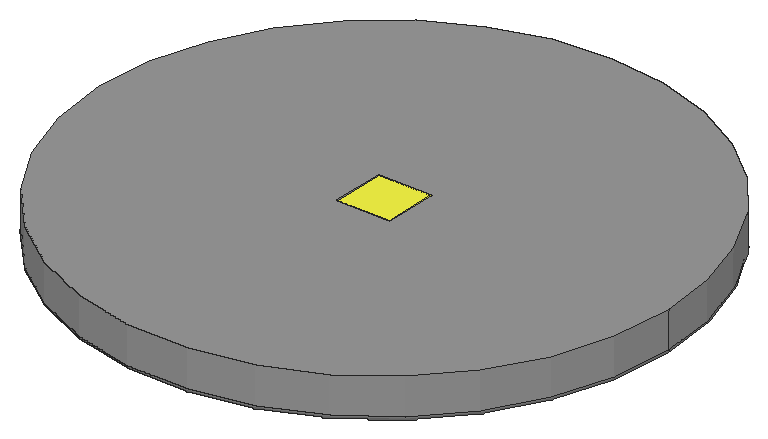
Revit family "TMC.1_63_UN_Emergency Lighting_Recessed_ETK", category Lighting Fixtures, Revit 2019
Family settings
  Round Connector Dimension = Use Diameter
  Part Type = Normal
  OmniClass Number = 23.80.70.11.14.11
  OmniClass Title = Downlights
  Work Plane-Based = No
  Always vertical = Yes
  Cut with Voids When Loaded = No
  Light Source = No
  Shared = No
  Room Calculation Point = Yes
Parameters (values of type "TMC.1100.15N - 2W / 360lm / 1hr autonomy")
  Wattage Comments = "2W"
  Voltage = 230 V
  URL = "https://www.etk.nl/producten/tmc-1/"
  Type Comments = "IP66 - IK10"
  Symbol_ToScale [instance] = yes
  Symbol_RealSize [instance] = not(Symbol_ToScale)  # no
  Switch Code [instance] = ""
  Model = "TMC.1"
  Manufacturer = "ETK licht B.V."
  Luminaire_Body_Material = PPS Plastic
  Luminaire Code [instance] = ""
  Lightsource_Constraint [instance] = 17.7 mm
  Light Source = TMC.1 - Lightsource : TMC.1100.15N - 2W / 360lm / 1hr autonomy
  Lamp = "LED"
  IfcExportType = "USERDEFINED"
  IfcExportAs = "IfcLightFixtureType"
  Description = "Surface Mounted"
  Copyright © IVLighting = "www.ivlibrary.com"
  Assembly Code = "63.0"
  Apparent Load = 2 VA
Types (3, lengths in mm): name | Light Source
  (no name) | TMC.1 - Lightsource : TMC.1100.15N - 2W / 360lm / 1hr autonomy
  TMC.1100.15N - 2W / 360lm / 1hr autonomy | TMC.1 - Lightsource : TMC.1100.15N - 2W / 360lm / 1hr autonomy
  TMC.1200.15N - 2W / 360lm / 1hr autonomy | TMC.1 - Lightsource : TMC.1200.15N - 2W / 360lm / 1hr autonomy
Reference planes
  plane 1 "Center (Front/Back)": y = 0
  plane 2: z = 0
  plane 3 "Center (Left/Right)": x = 0
Forms (mm)
  Sweep 1, solid, material "PPS Plastic" <- "Luminaire_Body_Material", not visible
    path origin (0, 0, 0) x (1, 0, 0) y (0, 1, 0)
      loop
        line (-65.067, -65.005) -> (65.067, -65.005) -> (65.067, 65.005) -> (-65.067, 65.005) -> (-65.067, -65.005)
    profile origin (0, -65.005, 0) x (0, 1, 0) y (0, 0, 1)
      loop
        line (0, 0) -> (0, -25.397)
        arc (0, -25.397) -> (0.469, -26.531) -> (1.603, -27) r 1.603
        line (1.603, -27) -> (2.551, -27) -> (56.895, -17.418) -> (56.895, 0) -> (0, 0)
  Extrusion 2, solid, material "PPS Plastic" <- "Luminaire_Body_Material", not visible
    sketch origin (0, 0, 0) x (0, 1, 0) y (0, 0, 1)
      loop
        line (8.11, -15.747) -> (8.11, 0) -> (-8.11, 0) -> (-8.11, -15.747) -> (8.11, -15.747)
    from -8.172 to 8.172
  Extrusion 3, solid, material "PPS Plastic" <- "Luminaire_Body_Material", not visible
    sketch origin (0, 0, 0) x (1, 0, 0) y (0, 1, 0)
      loop
        line (-8.172, 8.218) -> (-8.172, -8.11) -> (8.172, -8.11) -> (8.172, 8.218) -> (-8.172, 8.218)
      loop
        line (-7.242, 5.268) -> (-6.166, 5.268)
        arc (-6.166, 5.268) -> (-5.961, 5.763) -> (-5.466, 5.968) r 0.7
        line (-5.466, 5.968) -> (-5.466, 7.044)
        arc (-5.466, 7.044) -> (-6.722, 6.524) -> (-7.242, 5.268) r 1.776
      loop
        line (-4.905, 7.044) -> (-4.905, 5.968) -> (4.515, 5.968) -> (4.515, 7.044) -> (-4.905, 7.044)
      loop
        arc (7.242, 5.268) -> (6.722, 6.524) -> (5.466, 7.044) r 1.776
        line (5.466, 7.044) -> (5.466, 5.968)
        arc (5.466, 5.968) -> (5.961, 5.763) -> (6.166, 5.268) r 0.7
        line (6.166, 5.268) -> (7.242, 5.268)
      loop
        line (-7.242, 2.999) -> (-7.242, 2.199) -> (-4.615, 2.199) -> (-3.282, 3.531) -> (4.191, 3.531) -> (5.2, 2.522) -> (7.242, 2.522) -> (7.242, 3.322) -> (5.49, 3.322) -> (4.481, 4.331) -> (-3.572, 4.331) -> (-4.905, 2.999) -> (-7.242, 2.999)
      loop
        line (-7.242, 1.31) -> (-7.242, -1.202) -> (-6.442, -1.202) -> (-6.442, 1.31) -> (-7.242, 1.31)
      loop
        line (7.242, 1.31) -> (6.442, 1.31) -> (6.442, -1.202) -> (7.242, -1.202) -> (7.242, 1.31)
      loop
        circle (0, 0.054) r 1.884
      loop
        arc (-7.242, -5.268) -> (-6.722, -6.524) -> (-5.466, -7.044) r 1.776
        line (-5.466, -7.044) -> (-5.466, -5.968)
        arc (-5.466, -5.968) -> (-5.961, -5.763) -> (-6.166, -5.268) r 0.7
        line (-6.166, -5.268) -> (-7.242, -5.268)
      loop
        line (-4.905, -7.044) -> (4.515, -7.044) -> (4.515, -5.968) -> (-4.905, -5.968) -> (-4.905, -7.044)
      loop
        line (7.242, -5.268) -> (6.166, -5.268)
        arc (6.166, -5.268) -> (5.961, -5.763) -> (5.466, -5.968) r 0.7
        line (5.466, -5.968) -> (5.466, -7.044)
        arc (5.466, -7.044) -> (6.722, -6.524) -> (7.242, -5.268) r 1.776
      loop
        line (-7.242, -2.999) -> (-4.905, -2.999) -> (-3.572, -4.331) -> (4.481, -4.331) -> (5.49, -3.322) -> (7.242, -3.322) -> (7.242, -2.522) -> (5.2, -2.522) -> (4.191, -3.531) -> (-3.282, -3.531) -> (-4.615, -2.199) -> (-7.242, -2.199) -> (-7.242, -2.999)
    from -17.418 to -15.747
  Extrusion 4, solid, material "LED", not visible
    sketch origin (0, 0, 0) x (1, 0, 0) y (0, 1, 0)
      loop
        circle (0, 0) r 1.883
    from -17.5 to -15.747
  Extrusion 5, solid, material "PPS Plastic" <- "Luminaire_Body_Material"
    sketch origin (0, 0, 22.345) x (1, 0, 0) y (0, 1, 0)
      loop
        line (-8.172, 8.218) -> (-8.172, -8.212) -> (8.172, -8.212) -> (8.172, 8.218) -> (-8.172, 8.218)
      loop
        line (-7.242, 5.268) -> (-6.166, 5.268)
        arc (-6.166, 5.268) -> (-5.961, 5.763) -> (-5.466, 5.968) r 0.7
        line (-5.466, 5.968) -> (-5.466, 7.044)
        arc (-5.466, 7.044) -> (-6.722, 6.524) -> (-7.242, 5.268) r 1.776
      loop
        line (-4.905, 7.044) -> (-4.905, 5.968) -> (4.515, 5.968) -> (4.515, 7.044) -> (-4.905, 7.044)
      loop
        arc (7.242, 5.268) -> (6.722, 6.524) -> (5.466, 7.044) r 1.776
        line (5.466, 7.044) -> (5.466, 5.968)
        arc (5.466, 5.968) -> (5.961, 5.763) -> (6.166, 5.268) r 0.7
        line (6.166, 5.268) -> (7.242, 5.268)
      loop
        line (-7.242, 2.999) -> (-7.242, 2.199) -> (-4.615, 2.199) -> (-3.282, 3.531) -> (4.191, 3.531) -> (5.2, 2.522) -> (7.242, 2.522) -> (7.242, 3.322) -> (5.49, 3.322) -> (4.481, 4.331) -> (-3.572, 4.331) -> (-4.905, 2.999) -> (-7.242, 2.999)
      loop
        line (-7.242, 1.31) -> (-7.242, -1.202) -> (-6.442, -1.202) -> (-6.442, 1.31) -> (-7.242, 1.31)
      loop
        line (7.242, 1.31) -> (6.442, 1.31) -> (6.442, -1.202) -> (7.242, -1.202) -> (7.242, 1.31)
      loop
        circle (0, 0.054) r 1.884
      loop
        arc (-7.242, -5.268) -> (-6.722, -6.524) -> (-5.466, -7.044) r 1.776
        line (-5.466, -7.044) -> (-5.466, -5.968)
        arc (-5.466, -5.968) -> (-5.961, -5.763) -> (-6.166, -5.268) r 0.7
        line (-6.166, -5.268) -> (-7.242, -5.268)
      loop
        line (-4.905, -7.044) -> (4.515, -7.044) -> (4.515, -5.968) -> (-4.905, -5.968) -> (-4.905, -7.044)
      loop
        line (7.242, -5.268) -> (6.166, -5.268)
        arc (6.166, -5.268) -> (5.961, -5.763) -> (5.466, -5.968) r 0.7
        line (5.466, -5.968) -> (5.466, -7.044)
        arc (5.466, -7.044) -> (6.722, -6.524) -> (7.242, -5.268) r 1.776
      loop
        line (-7.242, -2.999) -> (-4.905, -2.999) -> (-3.572, -4.331) -> (4.481, -4.331) -> (5.49, -3.322) -> (7.242, -3.322) -> (7.242, -2.522) -> (5.2, -2.522) -> (4.191, -3.531) -> (-3.282, -3.531) -> (-4.615, -2.199) -> (-7.242, -2.199) -> (-7.242, -2.999)
    from -22.579 to -20.215
  Extrusion 6, solid, material "LED", not visible
    sketch origin (0, 0, 22.345) x (1, 0, 0) y (0, 1, 0)
      loop
        circle (0, 0) r 1.883
    from -22.958 to -20.215
  Sweep 7, solid, material "PPS Plastic" <- "Luminaire_Body_Material"
    path origin (0, 0, 0) x (1, 0, 0) y (0, 1, 0)
      loop
        circle (0, 0) r 90
    profile origin (0, 90, 0) x (0, -1, 0) y (0, 0, 1)
      loop
        line (0, 10.243) -> (0, -1.268)
        arc (0, -1.268) -> (0.439, -2.302) -> (1.488, -2.705) r 1.438
        line (1.488, -2.705) -> (32.022, -2.705) -> (32.022, 10.243) -> (0, 10.243)
  Extrusion 8, solid, material "LED"
    sketch origin (0, 0, 10.243) x (0, 1, 0) y (0, 0, 1)
      loop
        line (8.218, -8.113) -> (8.218, 0) -> (-8.218, 0) -> (-8.218, -8.113) -> (8.218, -8.113)
    from -8.172 to 8.172
  Sweep 9, solid, material "PPS Plastic" <- "Luminaire_Body_Material"
    path origin (0, 0, 0) x (1, 0, 0) y (0, 1, 0)
      loop
        line (-43.696, -43.611) -> (43.696, -43.611) -> (43.696, 43.611) -> (-43.696, 43.611) -> (-43.696, -43.611)
    profile origin (0, -43.611, 0) x (0, 1, 0) y (0, 0, 1)
      loop
        line (-14.601, 10.243) -> (-14.601, -2.705) -> (-12.675, -2.705) -> (35.399, -0.234) -> (35.399, 10.243) -> (-14.601, 10.243)
Cuts and joins
  joined: Sweep 7, Sweep 9
Lines and regions (mm)
  symbolic lines, visible <- "Symbol_RealSize"
    curve 1: circle (0, -0.047, 0) r 90 normal (0, 0, 1)
    curve 2: line (0, -0.047, 0) -> (-63.64, 63.593, 0)
    curve 3: line (0, -0.047, 0) -> (-63.64, -63.686, 0)
    curve 45: line (0, -0.047, 0) -> (63.64, 63.593, 0)
    curve 46: line (0, -0.047, 0) -> (63.64, -63.686, 0)
  model lines, visible <- "Symbol_RealSize"
    curve 4: line (0, -0.047, 0) -> (-90, -0.047, 0)
    curve 5: line (-3, 2.953, 0) -> (-89.95, 2.953, 0)
    curve 6: line (-6, 5.953, 0) -> (-89.8, 5.953, 0)
    curve 7: line (-9, 8.953, 0) -> (-89.549, 8.953, 0)
    curve 8: line (-12, 11.953, 0) -> (-89.196, 11.953, 0)
    curve 9: line (-15, 14.953, 0) -> (-88.741, 14.953, 0)
    curve 10: line (-18, 17.953, 0) -> (-88.182, 17.953, 0)
    curve 11: line (-21, 20.953, 0) -> (-87.516, 20.953, 0)
    curve 12: line (-24, 23.953, 0) -> (-86.741, 23.953, 0)
    curve 13: line (-27, 26.953, 0) -> (-85.855, 26.953, 0)
    curve 14: line (-30, 29.953, 0) -> (-84.853, 29.953, 0)
    curve 15: line (-33, 32.953, 0) -> (-83.732, 32.953, 0)
    curve 16: line (-36, 35.953, 0) -> (-82.486, 35.953, 0)
    curve 17: line (-39, 38.953, 0) -> (-81.111, 38.953, 0)
    curve 18: line (-42, 41.953, 0) -> (-79.599, 41.953, 0)
    curve 19: line (-45, 44.953, 0) -> (-77.942, 44.953, 0)
    curve 20: line (-48, 47.953, 0) -> (-76.131, 47.953, 0)
    curve 21: line (-51, 50.953, 0) -> (-74.155, 50.953, 0)
    curve 22: line (-54, 53.953, 0) -> (-72, 53.953, 0)
    curve 23: line (-57, 56.953, 0) -> (-69.649, 56.953, 0)
    curve 24: line (-60, 59.953, 0) -> (-67.082, 59.953, 0)
    curve 25: line (-3, -3.047, 0) -> (-89.95, -3.047, 0)
    curve 26: line (-6, -6.047, 0) -> (-89.8, -6.047, 0)
    curve 27: line (-9, -9.047, 0) -> (-89.549, -9.047, 0)
    curve 28: line (-12, -12.047, 0) -> (-89.196, -12.047, 0)
    curve 29: line (-15, -15.047, 0) -> (-88.741, -15.047, 0)
    curve 30: line (-18, -18.047, 0) -> (-88.182, -18.047, 0)
    curve 31: line (-21, -21.047, 0) -> (-87.516, -21.047, 0)
    curve 32: line (-24, -24.047, 0) -> (-86.741, -24.047, 0)
    curve 33: line (-27, -27.047, 0) -> (-85.855, -27.047, 0)
    curve 34: line (-30, -30.047, 0) -> (-84.853, -30.047, 0)
    curve 35: line (-33, -33.047, 0) -> (-83.732, -33.047, 0)
    curve 36: line (-36, -36.047, 0) -> (-82.486, -36.047, 0)
    curve 37: line (-39, -39.047, 0) -> (-81.111, -39.047, 0)
    curve 38: line (-42, -42.047, 0) -> (-79.599, -42.047, 0)
    curve 39: line (-45, -45.047, 0) -> (-77.942, -45.047, 0)
    curve 40: line (-48, -48.047, 0) -> (-76.131, -48.047, 0)
    curve 41: line (-51, -51.047, 0) -> (-74.155, -51.047, 0)
    curve 42: line (-54, -54.047, 0) -> (-72, -54.047, 0)
    curve 43: line (-57, -57.047, 0) -> (-69.649, -57.047, 0)
    curve 44: line (-60, -60.047, 0) -> (-67.082, -60.047, 0)
    curve 47: line (0, -0.047, 0) -> (90, -0.047, 0)
    curve 48: line (3, 2.953, 0) -> (89.95, 2.953, 0)
    curve 49: line (6, 5.953, 0) -> (89.8, 5.953, 0)
    curve 50: line (9, 8.953, 0) -> (89.549, 8.953, 0)
    curve 51: line (12, 11.953, 0) -> (89.196, 11.953, 0)
    curve 52: line (15, 14.953, 0) -> (88.741, 14.953, 0)
    curve 53: line (18, 17.953, 0) -> (88.182, 17.953, 0)
    curve 54: line (21, 20.953, 0) -> (87.516, 20.953, 0)
    curve 55: line (24, 23.953, 0) -> (86.741, 23.953, 0)
    curve 56: line (27, 26.953, 0) -> (85.855, 26.953, 0)
    curve 57: line (30, 29.953, 0) -> (84.853, 29.953, 0)
    curve 58: line (33, 32.953, 0) -> (83.732, 32.953, 0)
    curve 59: line (36, 35.953, 0) -> (82.486, 35.953, 0)
    curve 60: line (39, 38.953, 0) -> (81.111, 38.953, 0)
    curve 61: line (42, 41.953, 0) -> (79.599, 41.953, 0)
    curve 62: line (45, 44.953, 0) -> (77.942, 44.953, 0)
    curve 63: line (48, 47.953, 0) -> (76.131, 47.953, 0)
    curve 64: line (51, 50.953, 0) -> (74.155, 50.953, 0)
    curve 65: line (54, 53.953, 0) -> (72, 53.953, 0)
    curve 66: line (57, 56.953, 0) -> (69.649, 56.953, 0)
    curve 67: line (60, 59.953, 0) -> (67.082, 59.953, 0)
    curve 68: line (3, -3.047, 0) -> (89.95, -3.047, 0)
    curve 69: line (6, -6.047, 0) -> (89.8, -6.047, 0)
    curve 70: line (9, -9.047, 0) -> (89.549, -9.047, 0)
    curve 71: line (12, -12.047, 0) -> (89.196, -12.047, 0)
    curve 72: line (15, -15.047, 0) -> (88.741, -15.047, 0)
    curve 73: line (18, -18.047, 0) -> (88.182, -18.047, 0)
    curve 74: line (21, -21.047, 0) -> (87.516, -21.047, 0)
    curve 75: line (24, -24.047, 0) -> (86.741, -24.047, 0)
    curve 76: line (27, -27.047, 0) -> (85.855, -27.047, 0)
    curve 77: line (30, -30.047, 0) -> (84.853, -30.047, 0)
    curve 78: line (33, -33.047, 0) -> (83.732, -33.047, 0)
    curve 79: line (36, -36.047, 0) -> (82.486, -36.047, 0)
    curve 80: line (39, -39.047, 0) -> (81.111, -39.047, 0)
    curve 81: line (42, -42.047, 0) -> (79.599, -42.047, 0)
    curve 82: line (45, -45.047, 0) -> (77.942, -45.047, 0)
    curve 83: line (48, -48.047, 0) -> (76.131, -48.047, 0)
    curve 84: line (51, -51.047, 0) -> (74.155, -51.047, 0)
    curve 85: line (54, -54.047, 0) -> (72, -54.047, 0)
    curve 86: line (57, -57.047, 0) -> (69.649, -57.047, 0)
    curve 87: line (60, -60.047, 0) -> (67.082, -60.047, 0)
Dimensions and locks
  equal spacing: Sweep 9 sketch curve, plane 3 "Center (Left/Right)", Sweep 9 sketch curve
  equal spacing: Sweep 9 sketch curve, plane 1 "Center (Front/Back)", Sweep 9 sketch curve
  aligned and locked: level to plane 2
Nested families
  nested 1: "TMC.1 Light_Symbol_IVL" at (0, 0, 0), visible <- "Symbol_ToScale", type "Lighting Fixture Square Emergency"
  nested 2: "TMC.1 - Lightsource" at (0, 0, 0), type "TMC.1200.15N - 2W / 360lm / 1hr autonomy"
Connectors
  electrical at (0, 0, 0), driven by "Apparent Load"
    settings: index 1, voltage 0 V, apparent load 0 VA, apparent load phase1 2 VA, apparent load phase2 0 VA, apparent load phase3 0 VA, power factor 1, load classification "Other", number of poles 1, system type 31, power factor state 1, is connector primary yes, connector utility no, sub classification motor no, connector description ""
Definition of nested family "TMC.1 Light_Symbol_IVL"
  Reference planes
    plane 1: y = 0
    plane 2: x = 0
  Lines and regions (mm)
    Filled region 1, type "Filled region 1"
      outline origin (0, 0, 0) x (0.707107, 0.707107, 0) y (-0.707107, 0.707107, 0)
        loop
          line (0, 0) -> (0, 0.9)
          arc (0, 0.9) -> (-0.636, 0.636) -> (-0.9, 0) r 0.9
          line (-0.9, 0) -> (0, 0)
    Filled region 2, type "Filled region 1"
      outline origin (0, 0, 0) x (0.707107, 0.707107, 0) y (-0.707107, 0.707107, 0)
        loop
          line (0, 0) -> (0, -0.9)
          arc (0, -0.9) -> (0.636, -0.636) -> (0.9, 0) r 0.9
          line (0.9, 0) -> (0, 0)
    detail lines
      curve 1: circle (0, 0, 0) r 0.9 normal (0, 0, 1)
Definition of nested family "TMC.1 - Lightsource"
  Parameters (values of type "TMC.1100.15N - 2W / 360lm / 1hr autonomy")
    Wattage Comments = "2W"
    Wattage = 2.42356 W
    built-in parameter 1150110 = 1 (stored number, unit not read)
    URL = "https://www.etk.nl/producten/tmc-1/"
    built-in parameter 1114217 = 1 (stored number, unit not read)
    Tilt Angle = 90.00°
    built-in parameter 1150109 = 1 (stored number, unit not read)
    built-in parameter 1150134 = 12
    built-in parameter 1150113 = 1 (stored number, unit not read)
    Photometric Web File = "TMC.1100.15N.IES"
    Model = "TMC.1"
    Manufacturer = "ETK B.V."
    built-in parameter 1150105 = 28.648 (stored number, unit not read)
    Lumens = 360 lm
    built-in parameter 1150115 = 1 (stored number, unit not read)
    built-in parameter 1150137 = (empty or 0)
    built-in parameter 1150139 = (empty or 0)
    built-in parameter 1150112 = 1 (stored number, unit not read)
    built-in parameter 1150114 = 1 (stored number, unit not read)
    Lamp = "LED"
    built-in parameter 1150132 = 2
    built-in parameter 1150102 = (empty or 0)
    built-in parameter 1150107 = 4000 (stored number, unit not read)
    built-in parameter 1150138 = (empty or 0)
    built-in parameter 1150106 = 0.28648 (stored number, unit not read)
    built-in parameter 1150104 = 13.8 (stored number, unit not read)
    Dimming Lamp Color Temperature Shift = (empty or 0)
    Description = "Light sources"
    Copyright © IVLighting = "www.ivlighting.nl"
    Color Filter = 16777215
    built-in parameter 1114218 = 1 (stored number, unit not read)
    built-in parameter 1150133 = 10 (stored number, unit not read)
    Assembly Code = "63.0"
    Apparent Load = 2 VA
  Types (2, lengths in mm): name | Photometric Web File
    TMC.1200.15N - 2W / 360lm / 1hr autonomy | "TMC.1200.15N.IES"
    TMC.1100.15N - 2W / 360lm / 1hr autonomy | "TMC.1100.15N.IES"
  Reference planes
    plane 1 "Center (Front/Back)": y = 0
    plane 2: z = 0
    plane 3 "Center (Left/Right)": x = 0
  Lines and regions (mm)
    reference lines
      curve 1: line (-180, 0, 0) -> (180, 0, 0)
  Dimensions and locks
    aligned and locked: level to plane 2
